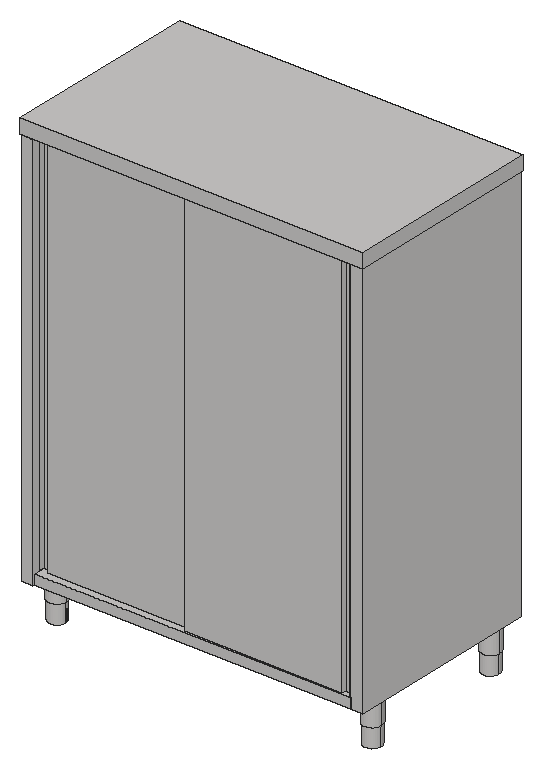
Revit family "QF_ZANUSSI_132886_SAS12N", category Attrezzature speciali, Revit 2020
Family settings
  Quota connettore circolare = Usa diametro
  Tipo di parte = Normale
  Basato su piano di lavoro = No
  Sempre verticale = Sì
  Taglio con vuoti quando caricato = No
  Condiviso = No
  Punto di calcolo locali = No
Parameters (values of type "Standard")
  Weight = 115.00 kg
  Watts = 0 W
  Volts = 0 V
  URL Manufacturer = "http://www.zanussiprofessional.com"
  URL = "http://www.zanussiprofessional.com"
  Steam Supply Size = 0 mm
  Steam Supply Minimum Pressure = 0.0 Pa
  Steam Supply Maximum Pressure = 0.0 Pa
  Steam Consumption per Hour = 0
  Refrigeration Suction Line Size = 0.0 mm
  Refrigeration Liquid Line Size = 0.0 mm
  Refrigerant Compressor Remote = yes
  Prospetto di default = 0.0 mm
  Phase = 0
  Modello = "SAS12N"
  Produttore = "Zanussi"
  Length Actual = 1200.0 mm  # constant formula
  Item Number = "132886"
  Hot Water Size = 0 mm
  Height Actual = 1600.0 mm  # constant formula
  HP = "0 HP"
  Gas Size = 0 mm
  Gas KW = 0
  Gas Input Pressure = 0 W
  Direct Waste Size = 0 mm
  Descrizione = "STORAGE CAB(H=1600)+SLIDING DOORS 1200MM"
  Depth Actual = 700.0 mm  # constant formula
  Cycle = 0 Hz
  Condensate Return Size = 0 mm
  Compressed Air Volume = 0.0 L/s
  Compressed Air Size = 0 mm
  Compressed Air Pressure = 0.0 Pa
  Cold Water Size = 0 mm
  Accessory = yes
Reference planes
  plane 1 "Center (Front/Back)": y = 0
  plane 2: z = 0
  plane 3 "Center (Left/Right)": x = -300
  plane 4 "LEFT": x = -900
  plane 5 "RIGHT": x = 300
  plane 6 "BACK": y = 350
  plane 7 "FRONT": y = -350
  plane 8 "TOP": z = 1600
  plane 9: x = -852
  plane 10: x = 252
  plane 11: y = 270
  plane 12: y = -247
  plane 13 "FEET": z = 150
  plane 14: x = -854.5
  plane 15: y = -344.5
  plane 16: x = 254.5
  plane 17: x = -326.5
  plane 18: x = -273.5
  plane 19 "BaseTop": z = 1550
  plane 20: x = -894.5
  plane 21: x = 294.5
  plane 22: y = 344.5
Forms (mm)
  Extrusion 1, solid, material "QF_Finishes_Stainless Steel"
    sketch origin (0, 0, 150) x (-1, 0, 0) y (0, -1, 0)
      loop
        line (894.5, -350) -> (894.5, 350) -> (854.5, 350) -> (854.5, -350) -> (894.5, -350)
      loop
        line (-254.5, -350) -> (-254.5, 344.5) -> (-294.5, 344.5) -> (-294.5, -350) -> (-254.5, -350)
    from 0 to 1400
  Extrusion 2, solid, material "QF_Finishes_Stainless Steel"
    sketch origin (0, 0, 150) x (-1, 0, 0) y (0, -1, 0)
      loop
        line (854.5, -347) -> (854.5, 344.5) -> (-254.5, 344.5) -> (-254.5, -347) -> (854.5, -347)
    from 0 to 35
  Extrusion 3, solid, material "QF_Finishes_Stainless Steel"
    sketch origin (0, 0, 150) x (-1, 0, 0) y (0, -1, 0)
      loop
        line (-254.5, -350) -> (854.5, -350) -> (854.5, -327) -> (-254.5, -327) -> (-254.5, -350)
    from 1400 to 35
  Extrusion 4, solid, material "QF_Finishes_Stainless Steel"
    sketch origin (0, 0, 1550) x (-1, 0, 0) y (0, -1, 0)
      loop
        line (900, 350) -> (-300, 350) -> (-300, -350) -> (900, -350) -> (900, 350)
    from 0 to 50
  Extrusion 5, solid, material "QF_Finishes_Stainless Steel"
    sketch origin (33, 0, 150) x (-1, 0, 0) y (0, -1, 0)
      loop
        line (306.5, 324.5) -> (306.5, 304.5) -> (885, 304.5) -> (885, 324.5) -> (883, 324.5) -> (883, 309.5) -> (856.034, 309.5) -> (856.034, 324.5) -> (306.5, 324.5)
    from 1400 to 40
  Extrusion 6, solid, material "QF_Finishes_Stainless Steel"
    sketch origin (-633, 0, 150) x (1, 0, 0) y (0, 1, 0)
      loop
        line (306.5, -344.5) -> (856.034, -344.5) -> (856.034, -329.5) -> (883, -329.5) -> (883, -344.5) -> (885, -344.5) -> (885, -324.5) -> (306.5, -324.5) -> (306.5, -344.5)
    from 1400 to 40
Lines and regions (mm)
  symbolic lines, style "SpecialityEquipment"
    curve 1: line (-900, 350, 1550) -> (300, 350, 1550)
    curve 2: line (-900, -350, 1550) -> (-900, 350, 1550)
    curve 3: line (300, -350, 1550) -> (-900, -350, 1550)
    curve 4: line (300, 350, 1550) -> (300, -350, 1550)
  symbolic lines, style "SpecialityEquipmentHiddenLines"
    curve 5: line (-900, -350, 1550) -> (300, 350, 1550)
    curve 6: line (-326.5, -324.5, 200) -> (-326.5, -344.5, 200)
    curve 7: line (-852, -304.5, 1550) -> (-273.5, -304.5, 1550)
    curve 8: line (-273.5, -304.5, 1550) -> (-273.5, -324.5, 1550)
    curve 9: line (-273.5, -324.5, 1550) -> (-852, -324.5, 1550)
    curve 10: line (-852, -324.5, 1550) -> (-852, -304.5, 1550)
    curve 11: line (-326.5, -344.5, 1550) -> (252, -344.5, 1550)
    curve 12: line (252, -344.5, 1550) -> (252, -324.5, 1550)
    curve 13: line (252, -324.5, 1550) -> (-273.5, -324.5, 1550)
Dimensions and locks
  plane 4 "LEFT" to plane 5 "RIGHT" = 1200.0 mm
  equal spacing: plane 4 "LEFT", plane 3 "Center (Left/Right)", plane 5 "RIGHT"
  plane 6 "BACK" to plane 7 "FRONT" = 700.0 mm
  equal spacing: plane 6 "BACK", plane 1 "Center (Front/Back)", plane 7 "FRONT"
  locked: plane 13 "FEET" to level at 150
  locked: plane 4 "LEFT" to plane 9 at 48
  locked: plane 10 to plane 5 "RIGHT" at 48
  locked: plane 6 "BACK" to plane 11 at 80
  locked: plane 12 to plane 7 "FRONT" at 103
  locked: plane 8 "TOP" to level at 1600
  locked: plane 17 to plane 18 at 53
  equal spacing: plane 17, plane 3 "Center (Left/Right)", plane 18
  plane 4 "LEFT" to plane 20 = 5.5 mm
  locked: plane 20 to plane 14 at 40
  locked: plane 16 to plane 21 at 40
  locked: plane 21 to plane 5 "RIGHT" at 5.5
  plane 15 to plane 7 "FRONT" = 5.5 mm  (x2)
  plane 6 "BACK" to plane 22 = 5.5 mm
  locked: plane 8 "TOP" to plane 19 "BaseTop" at 50
  aligned and locked: level to plane 2
  aligned and locked: plane 9 to nested 1
  aligned and locked: plane 10 to nested 2
  aligned and locked: nested 4 to plane 11
  aligned and locked: plane 9 to nested 3
  aligned and locked: nested 3 to plane 11
  aligned and locked: plane 6 "BACK" to Extrusion 1 sketch curve
  aligned and locked: Extrusion 1 sketch curve to plane 6 "BACK"
  aligned and locked: Extrusion 1 sketch curve to plane 7 "FRONT"
  aligned and locked: plane 14 to Extrusion 1
  aligned and locked: Extrusion 2 to plane 14
  aligned and locked: Extrusion 2 to plane 15
  aligned and locked: nested 1 to plane 12
  aligned and locked: nested 2 to plane 12
  aligned and locked: Extrusion 2 sketch curve to plane 16
  aligned and locked: nested 4 to nested 2
  aligned and locked: plane 16 to Extrusion 3
  aligned and locked: Extrusion 3 to plane 14
  aligned and locked: plane 19 "BaseTop" to Extrusion 3
  aligned and locked: plane 19 "BaseTop" to Extrusion 5
  aligned and locked: plane 19 "BaseTop" to Extrusion 6
  aligned and locked: plane 19 "BaseTop" to Extrusion 1
Automatic sketch dimensions
  Extrusion 1 sketch curve to plane 15 = 0.0 mm
  Extrusion 1 sketch curve to plane 21 = 0.0 mm
  Extrusion 1 sketch curve to plane 16 = 0.0 mm
  Extrusion 1 sketch curve to plane 14 = 0.0 mm
  Extrusion 1 sketch curve to plane 20 = 0.0 mm
  Extrusion 2 sketch curve to plane 14 = 0.0 mm
  Extrusion 2 sketch curve to plane 15 = 0.0 mm
  plane 22 to Extrusion 2 sketch curve = 2.5 mm
  curve 6 to plane 15 = 0.0 mm
  curve 6 to plane 17 = 0.0 mm
  plane 15 to curve 6 = 20.0 mm
  Extrusion 3 sketch curve to plane 6 "BACK" = 0.0 mm
  Extrusion 3 sketch curve to plane 16 = 0.0 mm
  Extrusion 3 sketch curve to plane 14 = 0.0 mm
  plane 22 to Extrusion 3 sketch curve = 17.5 mm
  Extrusion 4 sketch curve to plane 5 "RIGHT" = 0.0 mm
  Extrusion 4 sketch curve to plane 4 "LEFT" = 0.0 mm
  Extrusion 4 sketch curve to plane 6 "BACK" = 0.0 mm
  Extrusion 4 sketch curve to plane 7 "FRONT" = 0.0 mm
  Extrusion 5 sketch curve to plane 18 = 0.0 mm
  Extrusion 5 sketch curve to plane 9 = 0.0 mm
  plane 9 to Extrusion 5 sketch curve = 28.966 mm
  plane 9 to Extrusion 5 sketch curve = 2.0 mm
  plane 15 to Extrusion 5 sketch curve = 40.0 mm
  Extrusion 5 sketch curve to Extrusion 5 sketch curve = 5.0 mm
  Extrusion 5 sketch curve to Extrusion 5 sketch curve = 15.0 mm  (x2)
  Extrusion 6 sketch curve to plane 17 = 0.0 mm
  Extrusion 6 sketch curve to plane 15 = 0.0 mm  (x2)
  Extrusion 6 sketch curve to plane 10 = 0.0 mm
  plane 10 to Extrusion 6 sketch curve = 28.966 mm
  Extrusion 6 sketch curve to plane 15 = 15.0 mm
  Extrusion 6 sketch curve to Extrusion 6 sketch curve = 20.0 mm
  Extrusion 6 sketch curve to Extrusion 6 sketch curve = 2.0 mm
  curve 1 to plane 5 "RIGHT" = 0.0 mm
  curve 11 to plane 10 = 0.0 mm
  curve 8 to plane 18 = 0.0 mm
  curve 11 to plane 17 = 0.0 mm
  curve 9 to plane 9 = 0.0 mm
  curve 3 to plane 4 "LEFT" = 0.0 mm
  curve 1 to plane 6 "BACK" = 0.0 mm
  curve 12 to plane 15 = 0.0 mm
  curve 4 to plane 7 "FRONT" = 0.0 mm
  plane 15 to curve 8 = 40.0 mm
  curve 13 to curve 11 = 20.0 mm
Nested families
  nested 1: "FEET_D60-150" at (-852, -247, 0), type "FEET_D60-150"
  nested 2: "FEET_D60-150" at (252, -247, 0), type "FEET_D60-150"
  nested 3: "FEET_D60-150" at (-852, 270, 0), type "FEET_D60-150"
  nested 4: "FEET_D60-150" at (252, 270, 0), type "FEET_D60-150"
Definition of nested family "FEET_D60-150"
  Parameters
    Default Elevation = 0.0 mm
    FEET = 150.0 mm
  Reference planes
    plane 1 "Center (Front/Back)": y = 0
    plane 2: z = 0
    plane 3 "Center (Left/Right)": x = 0
    plane 4: z = 150
  Forms (mm)
    Extrusion 1, solid
      sketch origin (0, 0, 0) x (1, 0, 0) y (0, 1, 0)
        loop
          circle (0, 0) r 28
      from 0 to 67
    Revolve 2, solid
      sketch origin (0, 0, 0) x (1, 0, 0) y (0, 0, 1)
        loop
          line (0, 0) -> (0, 150) -> (-32.939, 150) -> (-32.939, 67) -> (-30, 67) -> (-30, 0) -> (0, 0)
        axis (0, 150) -> (0, 0)
      angle from 0 to 360
  Lines and regions (mm)
    symbolic lines
      curve 1: line (0, -1.503, 0) -> (0, 1.508, 0)
      curve 2: line (1.561, 0, 0) -> (-1.439, 0, 0)
  Dimensions and locks
    "FEET": plane 4 to plane 2
    aligned and locked: level to plane 2
  Automatic sketch dimensions
    plane 1 "Center (Front/Back)" to Extrusion 1 sketch curve = 0.0 mm
    Extrusion 1 sketch curve to plane 3 "Center (Left/Right)" = 0.0 mm
    plane 1 "Center (Front/Back)" to curve 2 = 0.0 mm
    curve 1 to plane 3 "Center (Left/Right)" = 0.0 mm
    curve 2 to plane 3 "Center (Left/Right)" = 1.439 mm
    plane 3 "Center (Left/Right)" to curve 2 = 1.561 mm
    plane 1 "Center (Front/Back)" to curve 1 = 1.503 mm
    curve 1 to plane 1 "Center (Front/Back)" = 1.508 mm
    Revolve 2 sketch curve to plane 4 = 0.0 mm
    Revolve 2 sketch curve to level = 0.0 mm
    Revolve 2 sketch curve to plane 3 "Center (Left/Right)" = 0.0 mm  (x2)
    Revolve 2 sketch curve to plane 3 "Center (Left/Right)" = 30.0 mm
    Revolve 2 sketch curve to plane 3 "Center (Left/Right)" = 32.939 mm
    level to Revolve 2 sketch curve = 67.0 mm
    Revolve 2 sketch curve to level = 42.207 mm
    Revolve 2 sketch curve to Revolve 2 sketch curve = 10.0 mm
    radius of Extrusion 1 sketch curve = 28.0 mm
